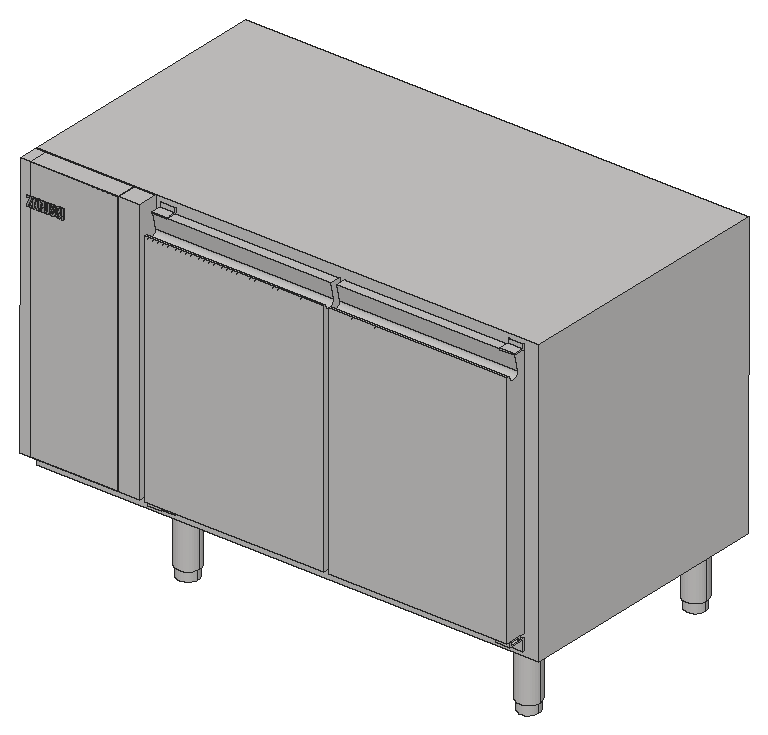
Revit family "QF_ZANUSSI_111110_ZK2H7AA", category Attrezzature speciali, Revit 2018 (continued)
Definition of nested family "HPC_ZAN_BI_TN_L"
  Lines and regions (mm)
    Split face 125
      outline origin (0, -999.3, 50) x (1, 0, 0) y (0, 1, 0)
        loop
          arc (-121.464, 623.474) -> (-117.464, 627.474) -> (-121.464, 631.474) r 4
          line (-121.464, 631.474) -> (-163.464, 631.474)
    Split face 126
      outline origin (330, -999.3, 50) x (1, 0, 0) y (0, 1, 0)
        loop
          arc (-328.464, 631.474) -> (-332.464, 627.474) -> (-328.464, 623.474) r 4
          line (-328.464, 623.474) -> (-286.464, 623.474)
          arc (-286.464, 623.474) -> (-282.464, 627.474) -> (-286.464, 631.474) r 4
          line (-286.464, 631.474) -> (-328.464, 631.474)
    Split face 127
      outline origin (110, -999.3, 50) x (1, 0, 0) y (0, 1, 0)
        loop
          arc (-218.464, 631.474) -> (-222.464, 627.474) -> (-218.464, 623.474) r 4
          line (-218.464, 623.474) -> (-176.464, 623.474)
          arc (-176.464, 623.474) -> (-172.464, 627.474) -> (-176.464, 631.474) r 4
          line (-176.464, 631.474) -> (-218.464, 631.474)
    Split face 128
      outline origin (220, -999.3, 50) x (1, 0, 0) y (0, 1, 0)
        loop
          arc (-273.464, 631.474) -> (-277.464, 627.474) -> (-273.464, 623.474) r 4
          line (-273.464, 623.474) -> (-231.464, 623.474)
          arc (-231.464, 623.474) -> (-227.464, 627.474) -> (-231.464, 631.474) r 4
          line (-231.464, 631.474) -> (-273.464, 631.474)
    Split face 129
      outline origin (0, -1023.3, 50) x (1, 0, 0) y (0, 1, 0)
        loop
          arc (-163.464, 643.474) -> (-167.464, 639.474) -> (-163.464, 635.474) r 4
          line (-163.464, 635.474) -> (-121.464, 635.474)
          arc (-121.464, 635.474) -> (-117.464, 639.474) -> (-121.464, 643.474) r 4
          line (-121.464, 643.474) -> (-163.464, 643.474)
    Split face 130
      outline origin (330, -1023.3, 50) x (1, 0, 0) y (0, 1, 0)
        loop
          arc (-328.464, 643.474) -> (-332.464, 639.474) -> (-328.464, 635.474) r 4
          line (-328.464, 635.474) -> (-286.464, 635.474)
          arc (-286.464, 635.474) -> (-282.464, 639.474) -> (-286.464, 643.474) r 4
          line (-286.464, 643.474) -> (-328.464, 643.474)
    Split face 131
      outline origin (110, -1023.3, 50) x (1, 0, 0) y (0, 1, 0)
        loop
          arc (-218.464, 643.474) -> (-222.464, 639.474) -> (-218.464, 635.474) r 4
          line (-218.464, 635.474) -> (-176.464, 635.474)
          arc (-176.464, 635.474) -> (-172.464, 639.474) -> (-176.464, 643.474) r 4
          line (-176.464, 643.474) -> (-218.464, 643.474)
    Split face 132
      outline origin (220, -1023.3, 50) x (1, 0, 0) y (0, 1, 0)
        loop
          arc (-273.464, 643.474) -> (-277.464, 639.474) -> (-273.464, 635.474) r 4
          line (-273.464, 635.474) -> (-231.464, 635.474)
          arc (-231.464, 635.474) -> (-227.464, 639.474) -> (-231.464, 643.474) r 4
          line (-231.464, 643.474) -> (-273.464, 643.474)
    Split face 133
      outline origin (0, 0, 50) x (1, 0, 0) y (0, 1, 0)
        loop
          arc (-110.805, 143) -> (-91.516, 151.543) -> (-75.866, 165.689) r 66.613
          arc (-75.866, 165.689) -> (-71.555, 176.578) -> (-74.139, 188) r 19.83
    Split face 134
      outline origin (0, 0, 50) x (1, 0, 0) y (0, 1, 0)
        loop
          arc (-98.775, 143) -> (-84.812, 152.003) -> (-73.538, 164.208) r 66.007
          arc (-73.538, 164.208) -> (-69.563, 175.991) -> (-72.794, 188) r 21.447
    Split face 135
      outline origin (0, 0, 50) x (1, 0, 0) y (0, 1, 0)
        loop
          line (41.58, 174) -> (41.58, 166.5) -> (49.08, 166.5) -> (49.08, 174) -> (41.58, 174)
    Split face 136
      outline origin (0, 0, 50) x (1, 0, 0) y (0, 1, 0)
        loop
          line (32.08, 174) -> (32.08, 166.5) -> (39.58, 166.5) -> (39.58, 174) -> (32.08, 174)
    Split face 137
      outline origin (0, 0, 50) x (1, 0, 0) y (0, 1, 0)
        loop
          line (32.08, 164.5) -> (32.08, 157) -> (39.58, 157) -> (39.58, 164.5) -> (32.08, 164.5)
    Split face 138
      outline origin (9.5, 0, 50) x (1, 0, 0) y (0, 1, 0)
        loop
          line (32.08, 164.5) -> (32.08, 157) -> (39.58, 157) -> (39.58, 164.5) -> (32.08, 164.5)
    Split face 139
      outline origin (0, 0, 50) x (1, 0, 0) y (0, 1, 0)
        loop
          line (-14.92, 174) -> (-14.92, 157) -> (25.08, 157) -> (25.08, 174) -> (-14.92, 174)
    symbolic lines
      curve 1: line (87.08, -74, 50) -> (87.08, -74, 0)
  Dimensions and locks
    equal spacing: plane 6, plane 1 "Center (Front/Back)", plane 7
    equal spacing: plane 4, plane 3 "Center (Left/Right)", plane 5
    aligned and locked: plane 2 to Extrusion 1
    aligned and locked: level to Extrusion 1
  Automatic sketch dimensions
    Split face 7 sketch curve to Split face 7 sketch curve = 42 mm
    Split face 7 sketch curve to Split face 7 sketch curve = 4 mm
    Extrusion 1 sketch curve to Extrusion 1 sketch curve = 2438.4 mm  (x2)
    Extrusion 2 sketch curve to plane 4 = 0 mm
    Extrusion 2 sketch curve to plane 5 = 0 mm
    Extrusion 2 sketch curve to plane 7 = 0 mm
    Extrusion 2 sketch curve to plane 6 = 0 mm
    Split face 1 sketch curve to Extrusion 2 = 105 mm
    Split face 1 sketch curve to Extrusion 2 = 35 mm
    Split face 1 sketch curve to Extrusion 2 = 98 mm
    Split face 1 sketch curve to Split face 1 sketch curve = 23 mm
    Split face 2 sketch curve to Extrusion 2 = 0 mm  (x2)
    Split face 2 sketch curve to Extrusion 2 = 64 mm
    Split face 3 sketch curve to Extrusion 2 = 43.456 mm
    Split face 3 sketch curve to Split face 3 sketch curve = 42 mm
    Split face 3 sketch curve to Extrusion 2 = 128.176 mm
    Split face 3 sketch curve to Split face 3 sketch curve = 4 mm
    Split face 4 sketch curve to Extrusion 2 = 85.544 mm
    Split face 4 sketch curve to Split face 4 sketch curve = 42 mm
    Split face 4 sketch curve to Extrusion 2 = 128.176 mm
    Split face 4 sketch curve to Split face 4 sketch curve = 4 mm
    Split face 5 sketch curve to Extrusion 2 = 98.456 mm
    Split face 5 sketch curve to Split face 5 sketch curve = 42 mm
    Split face 5 sketch curve to Extrusion 2 = 128.176 mm
    Split face 5 sketch curve to Split face 5 sketch curve = 4 mm
    Split face 6 sketch curve to Extrusion 2 = 140.544 mm
    Split face 6 sketch curve to Split face 6 sketch curve = 42 mm
    Split face 6 sketch curve to Extrusion 2 = 128.176 mm
    Split face 6 sketch curve to Split face 6 sketch curve = 4 mm
    Extrusion 3 sketch curve to Extrusion 3 sketch curve = 294 mm
    Extrusion 3 sketch curve to Extrusion 3 sketch curve = 652 mm
    Split face 8 sketch curve to Extrusion 2 = 43.456 mm
    Split face 8 sketch curve to Split face 8 sketch curve = 42 mm
    Split face 8 sketch curve to Extrusion 2 = 140.176 mm
    Split face 8 sketch curve to Split face 8 sketch curve = 4 mm
    Split face 9 sketch curve to Extrusion 2 = 85.544 mm
    Split face 9 sketch curve to Split face 9 sketch curve = 42 mm
    Split face 9 sketch curve to Extrusion 2 = 140.176 mm
    Split face 9 sketch curve to Split face 9 sketch curve = 4 mm
    Split face 10 sketch curve to Extrusion 2 = 98.456 mm
    Split face 10 sketch curve to Split face 10 sketch curve = 42 mm
    Split face 10 sketch curve to Extrusion 2 = 140.176 mm
    Split face 10 sketch curve to Split face 10 sketch curve = 4 mm
    Split face 11 sketch curve to Extrusion 2 = 140.544 mm
    Split face 11 sketch curve to Split face 11 sketch curve = 42 mm
    Split face 11 sketch curve to Extrusion 2 = 140.176 mm
    Split face 11 sketch curve to Split face 11 sketch curve = 4 mm
    Split face 12 sketch curve to Extrusion 2 = 43.456 mm
    Split face 12 sketch curve to Split face 12 sketch curve = 42 mm
    Split face 12 sketch curve to Extrusion 2 = 152.176 mm
    Split face 12 sketch curve to Split face 12 sketch curve = 4 mm
    Split face 13 sketch curve to Extrusion 2 = 85.544 mm
    Split face 13 sketch curve to Split face 13 sketch curve = 42 mm
    Split face 13 sketch curve to Extrusion 2 = 152.176 mm
    Split face 13 sketch curve to Split face 13 sketch curve = 4 mm
    Split face 14 sketch curve to Extrusion 2 = 98.456 mm
    Split face 14 sketch curve to Split face 14 sketch curve = 42 mm
    Split face 14 sketch curve to Extrusion 2 = 152.176 mm
    Split face 14 sketch curve to Split face 14 sketch curve = 4 mm
    Split face 15 sketch curve to Extrusion 2 = 140.544 mm
    Split face 15 sketch curve to Split face 15 sketch curve = 42 mm
    Split face 15 sketch curve to Extrusion 2 = 152.176 mm
    Split face 15 sketch curve to Split face 15 sketch curve = 4 mm
    Split face 16 sketch curve to Extrusion 2 = 43.456 mm
    Split face 16 sketch curve to Split face 16 sketch curve = 42 mm
    Split face 16 sketch curve to Extrusion 2 = 164.176 mm
    Split face 16 sketch curve to Split face 16 sketch curve = 4 mm
    Split face 17 sketch curve to Extrusion 2 = 85.544 mm
    Split face 17 sketch curve to Split face 17 sketch curve = 42 mm
    Split face 17 sketch curve to Extrusion 2 = 164.176 mm
    Split face 17 sketch curve to Split face 17 sketch curve = 4 mm
    Split face 18 sketch curve to Extrusion 2 = 98.456 mm
    Split face 18 sketch curve to Split face 18 sketch curve = 42 mm
    Split face 18 sketch curve to Extrusion 2 = 164.176 mm
    Split face 18 sketch curve to Split face 18 sketch curve = 4 mm
    Split face 19 sketch curve to Extrusion 2 = 140.544 mm
    Split face 19 sketch curve to Split face 19 sketch curve = 42 mm
    Split face 19 sketch curve to Extrusion 2 = 164.176 mm
    Split face 19 sketch curve to Split face 19 sketch curve = 4 mm
    Split face 20 sketch curve to Extrusion 2 = 43.456 mm
    Split face 20 sketch curve to Split face 20 sketch curve = 42 mm
    Split face 20 sketch curve to Extrusion 2 = 176.176 mm
    Split face 20 sketch curve to Split face 20 sketch curve = 4 mm
    Split face 21 sketch curve to Extrusion 2 = 85.544 mm
    Split face 21 sketch curve to Split face 21 sketch curve = 42 mm
    Split face 21 sketch curve to Extrusion 2 = 176.176 mm
    Split face 21 sketch curve to Split face 21 sketch curve = 4 mm
    Split face 22 sketch curve to Extrusion 2 = 98.456 mm
    Split face 22 sketch curve to Split face 22 sketch curve = 42 mm
    Split face 22 sketch curve to Extrusion 2 = 176.176 mm
    Split face 22 sketch curve to Split face 22 sketch curve = 4 mm
    Split face 23 sketch curve to Extrusion 2 = 140.544 mm
    Split face 23 sketch curve to Split face 23 sketch curve = 42 mm
    Split face 23 sketch curve to Extrusion 2 = 176.176 mm
    Split face 23 sketch curve to Split face 23 sketch curve = 4 mm
    Split face 24 sketch curve to Extrusion 2 = 43.456 mm
    Split face 24 sketch curve to Split face 24 sketch curve = 42 mm
    Split face 24 sketch curve to Extrusion 2 = 188.176 mm
    Split face 24 sketch curve to Split face 24 sketch curve = 4 mm
    Split face 25 sketch curve to Extrusion 2 = 85.544 mm
    Split face 25 sketch curve to Split face 25 sketch curve = 42 mm
    Split face 25 sketch curve to Extrusion 2 = 188.176 mm
    Split face 25 sketch curve to Split face 25 sketch curve = 4 mm
    Split face 26 sketch curve to Extrusion 2 = 98.456 mm
    Split face 26 sketch curve to Split face 26 sketch curve = 42 mm
    Split face 26 sketch curve to Extrusion 2 = 188.176 mm
    Split face 26 sketch curve to Split face 26 sketch curve = 4 mm
    Split face 27 sketch curve to Extrusion 2 = 140.544 mm
    Split face 27 sketch curve to Split face 27 sketch curve = 42 mm
    Split face 27 sketch curve to Extrusion 2 = 188.176 mm
    Split face 27 sketch curve to Split face 27 sketch curve = 4 mm
    Split face 28 sketch curve to Extrusion 2 = 43.456 mm
    Split face 28 sketch curve to Split face 28 sketch curve = 42 mm
    Split face 28 sketch curve to Extrusion 2 = 200.176 mm
    Split face 28 sketch curve to Split face 28 sketch curve = 4 mm
    Split face 29 sketch curve to Extrusion 2 = 85.544 mm
    Split face 29 sketch curve to Split face 29 sketch curve = 42 mm
    Split face 29 sketch curve to Extrusion 2 = 200.176 mm
    Split face 29 sketch curve to Split face 29 sketch curve = 4 mm
    Split face 30 sketch curve to Extrusion 2 = 98.456 mm
    Split face 30 sketch curve to Split face 30 sketch curve = 42 mm
    Split face 30 sketch curve to Extrusion 2 = 200.176 mm
    Split face 30 sketch curve to Split face 30 sketch curve = 4 mm
    Split face 31 sketch curve to Extrusion 2 = 140.544 mm
    Split face 31 sketch curve to Split face 31 sketch curve = 42 mm
    Split face 31 sketch curve to Extrusion 2 = 200.176 mm
    Split face 31 sketch curve to Split face 31 sketch curve = 4 mm
    Split face 32 sketch curve to Extrusion 2 = 43.456 mm
    Split face 32 sketch curve to Split face 32 sketch curve = 42 mm
    Split face 32 sketch curve to Extrusion 2 = 212.176 mm
    Split face 32 sketch curve to Split face 32 sketch curve = 4 mm
    Split face 33 sketch curve to Extrusion 2 = 85.544 mm
    Split face 33 sketch curve to Split face 33 sketch curve = 42 mm
    Split face 33 sketch curve to Extrusion 2 = 212.176 mm
    Split face 33 sketch curve to Split face 33 sketch curve = 4 mm
    Split face 34 sketch curve to Extrusion 2 = 98.456 mm
    Split face 34 sketch curve to Split face 34 sketch curve = 42 mm
    Split face 34 sketch curve to Extrusion 2 = 212.176 mm
    Split face 34 sketch curve to Split face 34 sketch curve = 4 mm
    Split face 35 sketch curve to Extrusion 2 = 140.544 mm
    Split face 35 sketch curve to Split face 35 sketch curve = 42 mm
    Split face 35 sketch curve to Extrusion 2 = 212.176 mm
    Split face 35 sketch curve to Split face 35 sketch curve = 4 mm
    Split face 36 sketch curve to Extrusion 2 = 43.456 mm
    Split face 36 sketch curve to Split face 36 sketch curve = 42 mm
    Split face 36 sketch curve to Extrusion 2 = 224.176 mm
    Split face 36 sketch curve to Split face 36 sketch curve = 4 mm
    Split face 37 sketch curve to Extrusion 2 = 85.544 mm
    Split face 37 sketch curve to Split face 37 sketch curve = 42 mm
    Split face 37 sketch curve to Extrusion 2 = 224.176 mm
    Split face 37 sketch curve to Split face 37 sketch curve = 4 mm
    Split face 38 sketch curve to Extrusion 2 = 98.456 mm
    Split face 38 sketch curve to Split face 38 sketch curve = 42 mm
    Split face 38 sketch curve to Extrusion 2 = 224.176 mm
    Split face 38 sketch curve to Split face 38 sketch curve = 4 mm
    Split face 39 sketch curve to Extrusion 2 = 140.544 mm
    Split face 39 sketch curve to Split face 39 sketch curve = 42 mm
    Split face 39 sketch curve to Extrusion 2 = 224.176 mm
    Split face 39 sketch curve to Split face 39 sketch curve = 4 mm
    Split face 40 sketch curve to Extrusion 2 = 43.456 mm
    Split face 40 sketch curve to Split face 40 sketch curve = 42 mm
    Split face 40 sketch curve to Extrusion 2 = 236.176 mm
    Split face 40 sketch curve to Split face 40 sketch curve = 4 mm
    Split face 41 sketch curve to Extrusion 2 = 85.544 mm
    Split face 41 sketch curve to Split face 41 sketch curve = 42 mm
    Split face 41 sketch curve to Extrusion 2 = 236.176 mm
    Split face 41 sketch curve to Split face 41 sketch curve = 4 mm
    Split face 42 sketch curve to Extrusion 2 = 98.456 mm
    Split face 42 sketch curve to Split face 42 sketch curve = 42 mm
    Split face 42 sketch curve to Extrusion 2 = 236.176 mm
    Split face 42 sketch curve to Split face 42 sketch curve = 4 mm
    Split face 43 sketch curve to Extrusion 2 = 140.544 mm
    Split face 43 sketch curve to Split face 43 sketch curve = 42 mm
    Split face 43 sketch curve to Extrusion 2 = 236.176 mm
    Split face 43 sketch curve to Split face 43 sketch curve = 4 mm
    Split face 44 sketch curve to Extrusion 2 = 43.456 mm
    Split face 44 sketch curve to Split face 44 sketch curve = 42 mm
    Split face 44 sketch curve to Extrusion 2 = 248.176 mm
    Split face 44 sketch curve to Split face 44 sketch curve = 4 mm
    Split face 45 sketch curve to Extrusion 2 = 85.544 mm
    Split face 45 sketch curve to Split face 45 sketch curve = 42 mm
    Split face 45 sketch curve to Extrusion 2 = 248.176 mm
    Split face 45 sketch curve to Split face 45 sketch curve = 4 mm
    Split face 46 sketch curve to Extrusion 2 = 98.456 mm
    Split face 46 sketch curve to Split face 46 sketch curve = 42 mm
    Split face 46 sketch curve to Extrusion 2 = 248.176 mm
    Split face 46 sketch curve to Split face 46 sketch curve = 4 mm
    Split face 47 sketch curve to Extrusion 2 = 140.544 mm
    Split face 47 sketch curve to Split face 47 sketch curve = 42 mm
    Split face 47 sketch curve to Extrusion 2 = 248.176 mm
    Split face 47 sketch curve to Split face 47 sketch curve = 4 mm
    Split face 48 sketch curve to Extrusion 2 = 43.456 mm
    Split face 48 sketch curve to Split face 48 sketch curve = 42 mm
    Split face 48 sketch curve to Extrusion 2 = 260.176 mm
    Split face 48 sketch curve to Split face 48 sketch curve = 4 mm
    Split face 49 sketch curve to Extrusion 2 = 85.544 mm
    Split face 49 sketch curve to Split face 49 sketch curve = 42 mm
    Split face 49 sketch curve to Extrusion 2 = 260.176 mm
    Split face 49 sketch curve to Split face 49 sketch curve = 4 mm
    Split face 50 sketch curve to Extrusion 2 = 98.456 mm
    Split face 50 sketch curve to Split face 50 sketch curve = 42 mm
    Split face 50 sketch curve to Extrusion 2 = 260.176 mm
    Split face 50 sketch curve to Split face 50 sketch curve = 4 mm
    Split face 51 sketch curve to Extrusion 2 = 140.544 mm
    Split face 51 sketch curve to Split face 51 sketch curve = 42 mm
    Split face 51 sketch curve to Extrusion 2 = 260.176 mm
    Split face 51 sketch curve to Split face 51 sketch curve = 4 mm
    Split face 52 sketch curve to Extrusion 2 = 43.456 mm
    Split face 52 sketch curve to Split face 52 sketch curve = 42 mm
    Split face 52 sketch curve to Extrusion 2 = 272.176 mm
    Split face 52 sketch curve to Split face 52 sketch curve = 4 mm
    Split face 53 sketch curve to Extrusion 2 = 85.544 mm
    Split face 53 sketch curve to Split face 53 sketch curve = 42 mm
    Split face 53 sketch curve to Extrusion 2 = 272.176 mm
    Split face 53 sketch curve to Split face 53 sketch curve = 4 mm
    Split face 54 sketch curve to Extrusion 2 = 98.456 mm
    Split face 54 sketch curve to Split face 54 sketch curve = 42 mm
    Split face 54 sketch curve to Extrusion 2 = 272.176 mm
    Split face 54 sketch curve to Split face 54 sketch curve = 4 mm
    Split face 55 sketch curve to Extrusion 2 = 140.544 mm
    Split face 55 sketch curve to Split face 55 sketch curve = 42 mm
    Split face 55 sketch curve to Extrusion 2 = 272.176 mm
    Split face 55 sketch curve to Split face 55 sketch curve = 4 mm
    Split face 56 sketch curve to Extrusion 2 = 43.456 mm
    Split face 56 sketch curve to Split face 56 sketch curve = 42 mm
    Split face 56 sketch curve to Extrusion 2 = 284.176 mm
    Split face 56 sketch curve to Split face 56 sketch curve = 4 mm
    Split face 57 sketch curve to Extrusion 2 = 85.544 mm
    Split face 57 sketch curve to Split face 57 sketch curve = 42 mm
    Split face 57 sketch curve to Extrusion 2 = 284.176 mm
    Split face 57 sketch curve to Split face 57 sketch curve = 4 mm
    Split face 58 sketch curve to Extrusion 2 = 98.456 mm
    Split face 58 sketch curve to Split face 58 sketch curve = 42 mm
    Split face 58 sketch curve to Extrusion 2 = 284.176 mm
    Split face 58 sketch curve to Split face 58 sketch curve = 4 mm
    Split face 59 sketch curve to Extrusion 2 = 140.544 mm
    Split face 59 sketch curve to Split face 59 sketch curve = 42 mm
    Split face 59 sketch curve to Extrusion 2 = 284.176 mm
    Split face 59 sketch curve to Split face 59 sketch curve = 4 mm
    Split face 60 sketch curve to Extrusion 2 = 43.456 mm
    Split face 60 sketch curve to Split face 60 sketch curve = 42 mm
    Split face 60 sketch curve to Extrusion 2 = 296.176 mm
    Split face 60 sketch curve to Split face 60 sketch curve = 4 mm
    Split face 61 sketch curve to Extrusion 2 = 85.544 mm
    Split face 61 sketch curve to Split face 61 sketch curve = 42 mm
    Split face 61 sketch curve to Extrusion 2 = 296.176 mm
    Split face 61 sketch curve to Split face 61 sketch curve = 4 mm
    Split face 62 sketch curve to Extrusion 2 = 98.456 mm
    Split face 62 sketch curve to Split face 62 sketch curve = 42 mm
    Split face 62 sketch curve to Extrusion 2 = 296.176 mm
    Split face 62 sketch curve to Split face 62 sketch curve = 4 mm
    Split face 63 sketch curve to Extrusion 2 = 140.544 mm
    Split face 63 sketch curve to Split face 63 sketch curve = 42 mm
    Split face 63 sketch curve to Extrusion 2 = 296.176 mm
    Split face 63 sketch curve to Split face 63 sketch curve = 4 mm
    Split face 64 sketch curve to Extrusion 2 = 43.456 mm
    Split face 64 sketch curve to Split face 64 sketch curve = 42 mm
    Split face 64 sketch curve to Extrusion 2 = 308.176 mm
    Split face 64 sketch curve to Split face 64 sketch curve = 4 mm
    Split face 65 sketch curve to Extrusion 2 = 85.544 mm
    Split face 65 sketch curve to Split face 65 sketch curve = 42 mm
    Split face 65 sketch curve to Extrusion 2 = 308.176 mm
    Split face 65 sketch curve to Split face 65 sketch curve = 4 mm
    Split face 66 sketch curve to Extrusion 2 = 98.456 mm
    Split face 66 sketch curve to Split face 66 sketch curve = 42 mm
    Split face 66 sketch curve to Extrusion 2 = 308.176 mm
    Split face 66 sketch curve to Split face 66 sketch curve = 4 mm
    Split face 67 sketch curve to Extrusion 2 = 140.544 mm
    Split face 67 sketch curve to Split face 67 sketch curve = 42 mm
    Split face 67 sketch curve to Extrusion 2 = 308.176 mm
    Split face 67 sketch curve to Split face 67 sketch curve = 4 mm
    Split face 68 sketch curve to Extrusion 2 = 0 mm  (x2)
    Split face 68 sketch curve to Extrusion 2 = 109 mm
    Split face 69 sketch curve to Extrusion 2 = 43.456 mm
    Split face 69 sketch curve to Split face 69 sketch curve = 42 mm
    Split face 69 sketch curve to Extrusion 2 = 192.174 mm
    Split face 69 sketch curve to Split face 69 sketch curve = 4 mm
    Split face 70 sketch curve to Extrusion 2 = 85.544 mm
    Split face 70 sketch curve to Split face 70 sketch curve = 42 mm
    Split face 70 sketch curve to Extrusion 2 = 192.174 mm
    Split face 70 sketch curve to Split face 70 sketch curve = 4 mm
    Split face 71 sketch curve to Extrusion 2 = 98.456 mm
    Split face 71 sketch curve to Split face 71 sketch curve = 42 mm
    Split face 71 sketch curve to Extrusion 2 = 192.174 mm
    Split face 71 sketch curve to Split face 71 sketch curve = 4 mm
    Split face 72 sketch curve to Extrusion 2 = 140.544 mm
    Split face 72 sketch curve to Split face 72 sketch curve = 42 mm
    Split face 72 sketch curve to Extrusion 2 = 192.174 mm
    Split face 72 sketch curve to Split face 72 sketch curve = 4 mm
    Split face 73 sketch curve to Extrusion 2 = 43.456 mm
    Split face 73 sketch curve to Split face 73 sketch curve = 42 mm
    Split face 73 sketch curve to Extrusion 2 = 180.174 mm
    Split face 73 sketch curve to Split face 73 sketch curve = 4 mm
    Split face 74 sketch curve to Extrusion 2 = 85.544 mm
    Split face 74 sketch curve to Split face 74 sketch curve = 42 mm
    Split face 74 sketch curve to Extrusion 2 = 180.174 mm
    Split face 74 sketch curve to Split face 74 sketch curve = 4 mm
    Split face 75 sketch curve to Extrusion 2 = 98.456 mm
    Split face 75 sketch curve to Split face 75 sketch curve = 42 mm
    Split face 75 sketch curve to Extrusion 2 = 180.174 mm
    Split face 75 sketch curve to Split face 75 sketch curve = 4 mm
    Split face 76 sketch curve to Extrusion 2 = 140.544 mm
    Split face 76 sketch curve to Split face 76 sketch curve = 42 mm
    Split face 76 sketch curve to Extrusion 2 = 180.174 mm
    Split face 76 sketch curve to Split face 76 sketch curve = 4 mm
    Split face 77 sketch curve to Extrusion 2 = 43.456 mm
    Split face 77 sketch curve to Split face 77 sketch curve = 42 mm
    Split face 77 sketch curve to Extrusion 2 = 168.174 mm
    Split face 77 sketch curve to Split face 77 sketch curve = 4 mm
    Split face 78 sketch curve to Extrusion 2 = 85.544 mm
    Split face 78 sketch curve to Split face 78 sketch curve = 42 mm
    Split face 78 sketch curve to Extrusion 2 = 168.174 mm
    Split face 78 sketch curve to Split face 78 sketch curve = 4 mm
    Split face 79 sketch curve to Extrusion 2 = 98.456 mm
    Split face 79 sketch curve to Split face 79 sketch curve = 42 mm
    Split face 79 sketch curve to Extrusion 2 = 168.174 mm
    Split face 79 sketch curve to Split face 79 sketch curve = 4 mm
    Split face 80 sketch curve to Extrusion 2 = 140.544 mm
    Split face 80 sketch curve to Split face 80 sketch curve = 42 mm
    Split face 80 sketch curve to Extrusion 2 = 168.174 mm
    Split face 80 sketch curve to Split face 80 sketch curve = 4 mm
    Split face 81 sketch curve to Extrusion 2 = 43.456 mm
    Split face 81 sketch curve to Split face 81 sketch curve = 42 mm
    Split face 81 sketch curve to Extrusion 2 = 156.174 mm
    Split face 81 sketch curve to Split face 81 sketch curve = 4 mm
    Split face 82 sketch curve to Extrusion 2 = 85.544 mm
    Split face 82 sketch curve to Split face 82 sketch curve = 42 mm
    Split face 82 sketch curve to Extrusion 2 = 156.174 mm
    Split face 82 sketch curve to Split face 82 sketch curve = 4 mm
    Split face 83 sketch curve to Extrusion 2 = 98.456 mm
    Split face 83 sketch curve to Split face 83 sketch curve = 42 mm
    Split face 83 sketch curve to Extrusion 2 = 156.174 mm
    Split face 83 sketch curve to Split face 83 sketch curve = 4 mm
    Split face 84 sketch curve to Extrusion 2 = 140.544 mm
    Split face 84 sketch curve to Split face 84 sketch curve = 42 mm
    Split face 84 sketch curve to Extrusion 2 = 156.174 mm
    Split face 84 sketch curve to Split face 84 sketch curve = 4 mm
    Split face 85 sketch curve to Extrusion 2 = 43.456 mm
    Split face 85 sketch curve to Split face 85 sketch curve = 42 mm
    Split face 85 sketch curve to Extrusion 2 = 144.174 mm
    Split face 85 sketch curve to Split face 85 sketch curve = 4 mm
    Split face 86 sketch curve to Extrusion 2 = 85.544 mm
    Split face 86 sketch curve to Split face 86 sketch curve = 42 mm
    Split face 86 sketch curve to Extrusion 2 = 144.174 mm
    Split face 86 sketch curve to Split face 86 sketch curve = 4 mm
    Split face 87 sketch curve to Extrusion 2 = 98.456 mm
    Split face 87 sketch curve to Split face 87 sketch curve = 42 mm
    Split face 87 sketch curve to Extrusion 2 = 144.174 mm
    Split face 87 sketch curve to Split face 87 sketch curve = 4 mm
    Split face 88 sketch curve to Extrusion 2 = 140.544 mm
    Split face 88 sketch curve to Split face 88 sketch curve = 42 mm
    Split face 88 sketch curve to Extrusion 2 = 144.174 mm
    Split face 88 sketch curve to Split face 88 sketch curve = 4 mm
    Split face 89 sketch curve to Extrusion 2 = 43.456 mm
    Split face 89 sketch curve to Split face 89 sketch curve = 42 mm
    Split face 89 sketch curve to Extrusion 2 = 132.174 mm
    Split face 89 sketch curve to Split face 89 sketch curve = 4 mm
    Split face 90 sketch curve to Extrusion 2 = 85.544 mm
    Split face 90 sketch curve to Split face 90 sketch curve = 42 mm
    Split face 90 sketch curve to Extrusion 2 = 132.174 mm
    Split face 90 sketch curve to Split face 90 sketch curve = 4 mm
    Split face 91 sketch curve to Extrusion 2 = 98.456 mm
    Split face 91 sketch curve to Split face 91 sketch curve = 42 mm
    Split face 91 sketch curve to Extrusion 2 = 132.174 mm
    Split face 91 sketch curve to Split face 91 sketch curve = 4 mm
    Split face 92 sketch curve to Extrusion 2 = 140.544 mm
    Split face 92 sketch curve to Split face 92 sketch curve = 42 mm
    Split face 92 sketch curve to Extrusion 2 = 132.174 mm
    Split face 92 sketch curve to Split face 92 sketch curve = 4 mm
    Split face 93 sketch curve to Extrusion 2 = 43.456 mm
    Split face 93 sketch curve to Split face 93 sketch curve = 42 mm
    Split face 93 sketch curve to Extrusion 2 = 120.174 mm
    Split face 93 sketch curve to Split face 93 sketch curve = 4 mm
    Split face 94 sketch curve to Extrusion 2 = 85.544 mm
    Split face 94 sketch curve to Split face 94 sketch curve = 42 mm
    Split face 94 sketch curve to Extrusion 2 = 120.174 mm
    Split face 94 sketch curve to Split face 94 sketch curve = 4 mm
    Split face 95 sketch curve to Extrusion 2 = 98.456 mm
    Split face 95 sketch curve to Split face 95 sketch curve = 42 mm
    Split face 95 sketch curve to Extrusion 2 = 120.174 mm
    Split face 95 sketch curve to Split face 95 sketch curve = 4 mm
    Split face 96 sketch curve to Extrusion 2 = 140.544 mm
    Split face 96 sketch curve to Split face 96 sketch curve = 42 mm
    Split face 96 sketch curve to Extrusion 2 = 120.174 mm
    Split face 96 sketch curve to Split face 96 sketch curve = 4 mm
    Split face 97 sketch curve to Extrusion 2 = 43.456 mm
    Split face 97 sketch curve to Split face 97 sketch curve = 42 mm
    Split face 97 sketch curve to Extrusion 2 = 108.174 mm
    Split face 97 sketch curve to Split face 97 sketch curve = 4 mm
    Split face 98 sketch curve to Extrusion 2 = 85.544 mm
    Split face 98 sketch curve to Split face 98 sketch curve = 42 mm
    Split face 98 sketch curve to Extrusion 2 = 108.174 mm
    Split face 98 sketch curve to Split face 98 sketch curve = 4 mm
    Split face 99 sketch curve to Extrusion 2 = 98.456 mm
    Split face 99 sketch curve to Split face 99 sketch curve = 42 mm
    Split face 99 sketch curve to Extrusion 2 = 108.174 mm
    Split face 99 sketch curve to Split face 99 sketch curve = 4 mm
    Split face 100 sketch curve to Extrusion 2 = 140.544 mm
    Split face 100 sketch curve to Split face 100 sketch curve = 42 mm
    Split face 100 sketch curve to Extrusion 2 = 108.174 mm
    Split face 100 sketch curve to Split face 100 sketch curve = 4 mm
    Split face 101 sketch curve to Extrusion 2 = 43.456 mm
    Split face 101 sketch curve to Split face 101 sketch curve = 42 mm
    Split face 101 sketch curve to Extrusion 2 = 96.174 mm
    Split face 101 sketch curve to Split face 101 sketch curve = 4 mm
    Split face 102 sketch curve to Extrusion 2 = 85.544 mm
    Split face 102 sketch curve to Split face 102 sketch curve = 42 mm
    Split face 102 sketch curve to Extrusion 2 = 96.174 mm
    Split face 102 sketch curve to Split face 102 sketch curve = 4 mm
    Split face 103 sketch curve to Extrusion 2 = 98.456 mm
    Split face 103 sketch curve to Split face 103 sketch curve = 42 mm
    Split face 103 sketch curve to Extrusion 2 = 96.174 mm
    Split face 103 sketch curve to Split face 103 sketch curve = 4 mm
    Split face 104 sketch curve to Extrusion 2 = 140.544 mm
    Split face 104 sketch curve to Split face 104 sketch curve = 42 mm
    Split face 104 sketch curve to Extrusion 2 = 96.174 mm
    Split face 104 sketch curve to Split face 104 sketch curve = 4 mm
    Split face 105 sketch curve to Extrusion 2 = 43.456 mm
    Split face 105 sketch curve to Split face 105 sketch curve = 42 mm
    Split face 105 sketch curve to Extrusion 2 = 84.174 mm
    Split face 105 sketch curve to Split face 105 sketch curve = 4 mm
    Split face 106 sketch curve to Extrusion 2 = 85.544 mm
    Split face 106 sketch curve to Split face 106 sketch curve = 42 mm
    Split face 106 sketch curve to Extrusion 2 = 84.174 mm
    Split face 106 sketch curve to Split face 106 sketch curve = 4 mm
    Split face 107 sketch curve to Extrusion 2 = 98.456 mm
    Split face 107 sketch curve to Split face 107 sketch curve = 42 mm
    Split face 107 sketch curve to Extrusion 2 = 84.174 mm
    Split face 107 sketch curve to Split face 107 sketch curve = 4 mm
    Split face 108 sketch curve to Extrusion 2 = 92.174 mm
    Split face 108 sketch curve to Extrusion 2 = 140.544 mm
    Split face 108 sketch curve to Split face 108 sketch curve = 42 mm
    Split face 108 sketch curve to Split face 108 sketch curve = 4 mm
    Split face 109 sketch curve to Extrusion 2 = 43.456 mm
    Split face 109 sketch curve to Split face 109 sketch curve = 42 mm
    Split face 109 sketch curve to Extrusion 2 = 72.174 mm
    Split face 109 sketch curve to Split face 109 sketch curve = 4 mm
    Split face 110 sketch curve to Extrusion 2 = 85.544 mm
    Split face 110 sketch curve to Split face 110 sketch curve = 42 mm
    Split face 110 sketch curve to Extrusion 2 = 72.174 mm
    Split face 110 sketch curve to Split face 110 sketch curve = 4 mm
    Split face 111 sketch curve to Extrusion 2 = 98.456 mm
    Split face 111 sketch curve to Split face 111 sketch curve = 42 mm
    Split face 111 sketch curve to Extrusion 2 = 72.174 mm
    Split face 111 sketch curve to Split face 111 sketch curve = 4 mm
    Split face 112 sketch curve to Extrusion 2 = 80.174 mm
    Split face 112 sketch curve to Extrusion 2 = 140.544 mm
    Split face 112 sketch curve to Split face 112 sketch curve = 42 mm
    Split face 112 sketch curve to Split face 112 sketch curve = 4 mm
    Split face 113 sketch curve to Extrusion 2 = 43.456 mm
    Split face 113 sketch curve to Split face 113 sketch curve = 42 mm
    Split face 113 sketch curve to Extrusion 2 = 60.174 mm
    Split face 113 sketch curve to Split face 113 sketch curve = 4 mm
    Split face 114 sketch curve to Extrusion 2 = 85.544 mm
    Split face 114 sketch curve to Split face 114 sketch curve = 42 mm
    Split face 114 sketch curve to Extrusion 2 = 60.174 mm
    Split face 114 sketch curve to Split face 114 sketch curve = 4 mm
    Split face 115 sketch curve to Extrusion 2 = 98.456 mm
    Split face 115 sketch curve to Split face 115 sketch curve = 42 mm
    Split face 115 sketch curve to Extrusion 2 = 60.174 mm
    Split face 115 sketch curve to Split face 115 sketch curve = 4 mm
    Split face 116 sketch curve to Extrusion 2 = 68.174 mm
    Split face 116 sketch curve to Extrusion 2 = 140.544 mm
    Split face 116 sketch curve to Split face 116 sketch curve = 42 mm
    Split face 116 sketch curve to Split face 116 sketch curve = 4 mm
    Split face 117 sketch curve to Extrusion 2 = 43.456 mm
    Split face 117 sketch curve to Split face 117 sketch curve = 42 mm
    Split face 117 sketch curve to Extrusion 2 = 48.174 mm
    Split face 117 sketch curve to Split face 117 sketch curve = 4 mm
    Split face 118 sketch curve to Extrusion 2 = 56.174 mm
    Split face 118 sketch curve to Extrusion 2 = 85.544 mm
    Split face 118 sketch curve to Split face 118 sketch curve = 42 mm
    Split face 118 sketch curve to Split face 118 sketch curve = 4 mm
    Split face 119 sketch curve to Extrusion 2 = 56.174 mm
    Split face 119 sketch curve to Extrusion 2 = 98.456 mm
    Split face 119 sketch curve to Split face 119 sketch curve = 42 mm
    Split face 119 sketch curve to Split face 119 sketch curve = 4 mm
    Split face 120 sketch curve to Extrusion 2 = 56.174 mm
    Split face 120 sketch curve to Extrusion 2 = 140.544 mm
    Split face 120 sketch curve to Split face 120 sketch curve = 42 mm
    Split face 120 sketch curve to Split face 120 sketch curve = 4 mm
    Split face 121 sketch curve to Extrusion 2 = 43.456 mm
    Split face 121 sketch curve to Split face 121 sketch curve = 42 mm
    Split face 121 sketch curve to Extrusion 2 = 36.174 mm
    Split face 121 sketch curve to Split face 121 sketch curve = 4 mm
    Split face 122 sketch curve to Extrusion 2 = 44.174 mm
    Split face 122 sketch curve to Extrusion 2 = 85.544 mm
    Split face 122 sketch curve to Split face 122 sketch curve = 42 mm
    Split face 122 sketch curve to Split face 122 sketch curve = 4 mm
    Split face 123 sketch curve to Extrusion 2 = 44.174 mm
    Split face 123 sketch curve to Extrusion 2 = 98.456 mm
    Split face 123 sketch curve to Split face 123 sketch curve = 42 mm
    Split face 123 sketch curve to Split face 123 sketch curve = 4 mm
    Split face 124 sketch curve to Extrusion 2 = 44.174 mm
    Split face 124 sketch curve to Extrusion 2 = 140.544 mm
    Split face 124 sketch curve to Split face 124 sketch curve = 42 mm
    Split face 124 sketch curve to Split face 124 sketch curve = 4 mm
    Split face 125 sketch curve to Extrusion 2 = 43.456 mm
    Split face 125 sketch curve to Split face 125 sketch curve = 42 mm
    Split face 125 sketch curve to Extrusion 2 = 24.174 mm
    Split face 125 sketch curve to Split face 125 sketch curve = 4 mm
    Split face 126 sketch curve to Extrusion 2 = 32.174 mm
    Split face 126 sketch curve to Extrusion 2 = 85.544 mm
    Split face 126 sketch curve to Split face 126 sketch curve = 42 mm
    Split face 126 sketch curve to Split face 126 sketch curve = 4 mm
    Split face 127 sketch curve to Extrusion 2 = 32.174 mm
    Split face 127 sketch curve to Extrusion 2 = 98.456 mm
    Split face 127 sketch curve to Split face 127 sketch curve = 42 mm
    Split face 127 sketch curve to Split face 127 sketch curve = 4 mm
    Split face 128 sketch curve to Extrusion 2 = 32.174 mm
    Split face 128 sketch curve to Extrusion 2 = 140.544 mm
    Split face 128 sketch curve to Split face 128 sketch curve = 42 mm
    Split face 128 sketch curve to Split face 128 sketch curve = 4 mm
    Split face 129 sketch curve to Extrusion 2 = 20.174 mm
    Split face 129 sketch curve to Extrusion 2 = 43.456 mm
    Split face 129 sketch curve to Extrusion 2 = 16.174 mm
    Split face 129 sketch curve to Split face 129 sketch curve = 42 mm
    Split face 130 sketch curve to Extrusion 2 = 20.174 mm
    Split face 130 sketch curve to Extrusion 2 = 85.544 mm
    Split face 130 sketch curve to Extrusion 2 = 16.174 mm
    Split face 130 sketch curve to Split face 130 sketch curve = 42 mm
    Split face 131 sketch curve to Extrusion 2 = 20.174 mm
    Split face 131 sketch curve to Extrusion 2 = 98.456 mm
    Split face 131 sketch curve to Extrusion 2 = 16.174 mm
    Split face 131 sketch curve to Split face 131 sketch curve = 42 mm
    Split face 132 sketch curve to Extrusion 2 = 20.174 mm
    Split face 132 sketch curve to Extrusion 2 = 140.544 mm
    Split face 132 sketch curve to Extrusion 2 = 16.174 mm
    Split face 132 sketch curve to Split face 132 sketch curve = 42 mm
    plane 4 to Extrusion 4 sketch curve = 17.166 mm
    Extrusion 4 sketch curve to Extrusion 4 sketch curve = 0.562 mm
    Extrusion 4 sketch curve to Extrusion 4 sketch curve = 5.406 mm
    Extrusion 4 sketch curve to Extrusion 4 sketch curve = 6.457 mm
    Extrusion 4 sketch curve to Extrusion 4 sketch curve = 5.755 mm
    Extrusion 4 sketch curve to Extrusion 4 sketch curve = 7.368 mm
    Extrusion 4 sketch curve to Extrusion 4 sketch curve = 0.734 mm
    Extrusion 4 sketch curve to Extrusion 4 sketch curve = 5.086 mm
    Extrusion 4 sketch curve to Extrusion 4 sketch curve = 5.054 mm
    Extrusion 4 sketch curve to Extrusion 4 sketch curve = 0.702 mm  (x4)
    Extrusion 4 sketch curve to Extrusion 4 sketch curve = 0.561 mm
    Extrusion 4 sketch curve to Extrusion 4 sketch curve = 3.369 mm  (x2)
    Extrusion 4 sketch curve to Extrusion 4 sketch curve = 2.807 mm
    Extrusion 4 sketch curve to Extrusion 4 sketch curve = 4.071 mm  (x2)
    Extrusion 4 sketch curve to Extrusion 4 sketch curve = 5.053 mm
    Extrusion 4 sketch curve to Extrusion 4 sketch curve = 5.114 mm
    Extrusion 4 sketch curve to Extrusion 4 sketch curve = 4.352 mm  (x2)
    Extrusion 4 sketch curve to Extrusion 4 sketch curve = 5.194 mm
    Extrusion 4 sketch curve to Extrusion 4 sketch curve = 4.913 mm  (x6)
    Extrusion 4 sketch curve to Extrusion 4 sketch curve = 5.334 mm
    Extrusion 4 sketch curve to Extrusion 4 sketch curve = 1.123 mm
    Extrusion 4 sketch curve to Extrusion 4 sketch curve = 1.444 mm
    Extrusion 4 sketch curve to Extrusion 4 sketch curve = 0.094 mm
    Extrusion 4 sketch curve to Extrusion 4 sketch curve = 2.948 mm
    Extrusion 4 sketch curve to Extrusion 4 sketch curve = 1.825 mm
    Extrusion 4 sketch curve to Extrusion 4 sketch curve = 3.004 mm
    Extrusion 4 sketch curve to Extrusion 4 sketch curve = 4.058 mm  (x2)
    Extrusion 4 sketch curve to Extrusion 4 sketch curve = 2.478 mm  (x2)
    Extrusion 4 sketch curve to Extrusion 4 sketch curve = 0.121 mm  (x4)
    Extrusion 4 sketch curve to Extrusion 4 sketch curve = 1.228 mm  (x2)
    Extrusion 4 sketch curve to Extrusion 4 sketch curve = 2.118 mm  (x2)
    Extrusion 4 sketch curve to Extrusion 4 sketch curve = 1.578 mm  (x2)
    Extrusion 4 sketch curve to Extrusion 4 sketch curve = 0.128 mm  (x2)
    Extrusion 4 sketch curve to Extrusion 4 sketch curve = 0.564 mm  (x2)
    Extrusion 4 sketch curve to Extrusion 4 sketch curve = 0.622 mm  (x2)
    Extrusion 4 sketch curve to Extrusion 4 sketch curve = 0.31 mm  (x2)
    Extrusion 4 sketch curve to Extrusion 4 sketch curve = 1.171 mm  (x2)
    Extrusion 4 sketch curve to Extrusion 4 sketch curve = 0.512 mm  (x2)
    Extrusion 4 sketch curve to Extrusion 4 sketch curve = 0.123 mm  (x2)
    Extrusion 4 sketch curve to Extrusion 4 sketch curve = 0.02 mm  (x2)
    Extrusion 4 sketch curve to Extrusion 4 sketch curve = 1.774 mm  (x2)
    Extrusion 4 sketch curve to Extrusion 4 sketch curve = 1.52 mm
    Extrusion 4 sketch curve to Extrusion 4 sketch curve = 1.351 mm
    Extrusion 4 sketch curve to Extrusion 4 sketch curve = 4.632 mm  (x3)
    Extrusion 4 sketch curve to Extrusion 4 sketch curve = 0.076 mm  (x2)
    Extrusion 4 sketch curve to Extrusion 4 sketch curve = 3.79 mm
    Extrusion 4 sketch curve to Extrusion 4 sketch curve = 0.099 mm
    Extrusion 4 sketch curve to Extrusion 4 sketch curve = 1.668 mm
    Extrusion 4 sketch curve to Extrusion 4 sketch curve = 2.203 mm
    Extrusion 4 sketch curve to Extrusion 4 sketch curve = 2.87 mm
    Extrusion 4 sketch curve to Extrusion 4 sketch curve = 0.944 mm
    Extrusion 4 sketch curve to Extrusion 4 sketch curve = 5.408 mm
    Extrusion 4 sketch curve to Extrusion 4 sketch curve = 0.724 mm
    Extrusion 4 sketch curve to plane 6 = 98.623 mm
    Extrusion 4 sketch curve to Extrusion 4 sketch curve = 0 mm  (x13)
    Extrusion 4 sketch curve to Extrusion 4 sketch curve = 3.713 mm
    Extrusion 4 sketch curve to Extrusion 4 sketch curve = 1.341 mm
    Extrusion 4 sketch curve to Extrusion 4 sketch curve = 0.181 mm
    Extrusion 4 sketch curve to Extrusion 4 sketch curve = 2.372 mm  (x2)
    Extrusion 4 sketch curve to Extrusion 4 sketch curve = 0.043 mm  (x2)
    Extrusion 4 sketch curve to Extrusion 4 sketch curve = 0.08 mm  (x2)
    Extrusion 4 sketch curve to Extrusion 4 sketch curve = 6.582 mm
    Extrusion 4 sketch curve to Extrusion 4 sketch curve = 2.869 mm
    Extrusion 4 sketch curve to Extrusion 4 sketch curve = 0.739 mm  (x2)
    Extrusion 4 sketch curve to Extrusion 4 sketch curve = 1.344 mm  (x2)
    Extrusion 4 sketch curve to Extrusion 4 sketch curve = 0.997 mm
    Extrusion 4 sketch curve to Extrusion 4 sketch curve = 1.644 mm
    Extrusion 4 sketch curve to Extrusion 4 sketch curve = 1.841 mm
    Extrusion 4 sketch curve to Extrusion 4 sketch curve = 0.915 mm
    Extrusion 4 sketch curve to Extrusion 4 sketch curve = 2.767 mm
    Extrusion 4 sketch curve to Extrusion 4 sketch curve = 1.036 mm  (x2)
    Extrusion 4 sketch curve to Extrusion 4 sketch curve = 1.835 mm  (x2)
    Extrusion 4 sketch curve to Extrusion 4 sketch curve = 3.155 mm
    Extrusion 4 sketch curve to Extrusion 4 sketch curve = 4.449 mm
    Extrusion 4 sketch curve to Extrusion 4 sketch curve = 7.159 mm
    Extrusion 4 sketch curve to Extrusion 4 sketch curve = 4.846 mm  (x2)
    Extrusion 4 sketch curve to Extrusion 4 sketch curve = 5.13 mm
    Extrusion 4 sketch curve to Extrusion 4 sketch curve = 0.393 mm  (x2)
    Extrusion 4 sketch curve to Extrusion 4 sketch curve = 1.409 mm  (x2)
    Extrusion 4 sketch curve to Extrusion 4 sketch curve = 2.182 mm  (x2)
    Extrusion 4 sketch curve to Extrusion 4 sketch curve = 0.905 mm  (x2)
    Extrusion 4 sketch curve to Extrusion 4 sketch curve = 1.201 mm  (x2)
    Extrusion 4 sketch curve to Extrusion 4 sketch curve = 0.022 mm  (x2)
    Extrusion 4 sketch curve to Extrusion 4 sketch curve = 0.182 mm  (x2)
    Extrusion 4 sketch curve to Extrusion 4 sketch curve = 14.599 mm
    Extrusion 4 sketch curve to Extrusion 4 sketch curve = 0.14 mm
    Extrusion 4 sketch curve to Extrusion 4 sketch curve = 10.917 mm
    Extrusion 4 sketch curve to Extrusion 4 sketch curve = 0.281 mm
    Extrusion 4 sketch curve to Extrusion 4 sketch curve = 0.45 mm  (x2)
    Extrusion 4 sketch curve to Extrusion 4 sketch curve = 8.142 mm
    Extrusion 4 sketch curve to Extrusion 4 sketch curve = 4.492 mm
    Extrusion 4 sketch curve to Extrusion 4 sketch curve = 0.593 mm
    Extrusion 4 sketch curve to Extrusion 4 sketch curve = 4.345 mm
    Extrusion 4 sketch curve to Extrusion 4 sketch curve = 0.9 mm  (x2)
    Extrusion 4 sketch curve to Extrusion 4 sketch curve = 3.017 mm
    Extrusion 4 sketch curve to Extrusion 4 sketch curve = 0.952 mm  (x2)
    Extrusion 4 sketch curve to Extrusion 4 sketch curve = 1.658 mm
    Extrusion 4 sketch curve to Extrusion 4 sketch curve = 1.516 mm
    Split face 133 sketch curve to Extrusion 2 = 44.591 mm
    Split face 133 sketch curve to Extrusion 2 = 79.124 mm
    Split face 133 sketch curve to Split face 133 sketch curve = 36.471 mm
    Split face 133 sketch curve to Split face 133 sketch curve = 29.3 mm
    Split face 133 sketch curve to Split face 133 sketch curve = 19.479 mm
    Split face 133 sketch curve to Split face 133 sketch curve = 15.459 mm
    Split face 133 sketch curve to Split face 133 sketch curve = 0 mm
    Split face 133 sketch curve to Split face 133 sketch curve = 17.186 mm
    Split face 134 sketch curve to Extrusion 2 = 49.463 mm
    Split face 134 sketch curve to Extrusion 2 = 79.643 mm
    Split face 134 sketch curve to Split face 134 sketch curve = 36.278 mm
    Split face 134 sketch curve to Split face 134 sketch curve = 25.875 mm
    Split face 134 sketch curve to Split face 134 sketch curve = 7.776 mm
    Split face 134 sketch curve to Split face 134 sketch curve = 17.461 mm
    Split face 134 sketch curve to Split face 134 sketch curve = 0 mm
    Split face 134 sketch curve to Split face 134 sketch curve = 18.204 mm
    Split face 135 sketch curve to Extrusion 2 = 45.5 mm
    Split face 135 sketch curve to Split face 135 sketch curve = 7.5 mm  (x2)
    Split face 135 sketch curve to Extrusion 2 = 85.5 mm
    Split face 136 sketch curve to Extrusion 2 = 55 mm
    Split face 136 sketch curve to Split face 136 sketch curve = 7.5 mm  (x2)
    Split face 136 sketch curve to Extrusion 2 = 85.5 mm
    Split face 137 sketch curve to Extrusion 2 = 55 mm
    Split face 137 sketch curve to Split face 137 sketch curve = 7.5 mm  (x2)
    Split face 137 sketch curve to Extrusion 2 = 95 mm
    Split face 138 sketch curve to Extrusion 2 = 45.5 mm
    Split face 138 sketch curve to Split face 138 sketch curve = 7.5 mm  (x2)
    Split face 138 sketch curve to Extrusion 2 = 95 mm
    Split face 139 sketch curve to Extrusion 2 = 102 mm
    Split face 139 sketch curve to Split face 139 sketch curve = 40 mm
    Split face 139 sketch curve to Extrusion 2 = 95 mm
    Split face 139 sketch curve to Split face 139 sketch curve = 17 mm
    curve 1 to level = 0 mm
    curve 1 to plane 5 = 0 mm
    curve 1 to curve 1 = 50 mm
Definition of nested family "HPC_ZAN_SD_L"
  Parameters
    Show Clearance [instance] = yes
    Default Elevation = 1219.2 mm
  Reference planes
    plane 1 "Center (Front/Back)": y = 0
    plane 2: z = 0
    plane 3 "Center (Left/Right)": x = 0
    plane 4: x = -234
    plane 5: x = 234
  Forms (mm)
    Extrusion 1, solid
      sketch origin (0, 0, 0) x (1, 0, 0) y (0, 1, 0)
        loop
          line (-1219.2, 1219.2) -> (-1219.2, -1219.2) -> (1219.2, -1219.2) -> (1219.2, 1219.2) -> (-1219.2, 1219.2)
      from 0 to -304.8
    Extrusion 2, solid
      sketch origin (0, 0, -3) x (0, 1, 0) y (0, 0, 1)
        loop
          line (-314, 53) -> (-314, 3) -> (314, 3) -> (314, 29) -> (274.395, 20)
          arc (274.395, 20) -> (260.396, 33.803) -> (274, 47.994) r 14
          line (274, 47.994) -> (274, 53) -> (-314, 53)
      from -220 to 220
    Extrusion 3, solid
      sketch origin (0, 0, 0) x (0, 1, 0) y (0, 0, -1)
        loop
          line (-323.003, -40.312) -> (-323.003, -12.259) -> (-323.003, 0) -> (-351.511, 0) -> (-351.511, -2.5) -> (-325.503, -2.5) -> (-325.503, -42.812) -> (-316.501, -42.812) -> (-316.501, -40.312) -> (-323.003, -40.312)
        loop
          line (-314, -38.311) -> (-314, -11.804) -> (-319.752, -11.804) -> (-319.752, -14.304) -> (-316.501, -14.304) -> (-316.501, -38.311) -> (-314, -38.311)
        loop
          line (315.003, -27.948) -> (317.503, -27.948) -> (317.503, -2.5) -> (327.503, -2.5) -> (327.503, 0) -> (315.003, 0) -> (315.003, -2.948) -> (315.003, -27.948)
      from 185 to 220
    Extrusion 4, solid, visible <- "Show Clearance", detail levels coarse
      sketch origin (0, 0, -3) x (-1, 0, 0) y (0, 0, -1)
        loop
          line (220, -53) -> (-220, -53)
          arc (-220, -53) -> (-79.636, -340.04) -> (220, -451) r 430
          line (220, -451) -> (220, -53)
      from -314 to 314
  Lines and regions (mm)
    symbolic lines
      curve 1: arc (219.599, 0, 55) -> (95.934, 0, 321.503) -> (-170, 0, 446.39) r 430
      curve 2: line (-220, 0, 55) -> (-220, 0, 448)
      curve 3: line (-170, 0, 55) -> (-170, 0, 448)
      curve 4: line (-220, 0, 448) -> (-170, 0, 448)
  Dimensions and locks
    plane 4 to plane 3 "Center (Left/Right)" to plane 5 = 234 mm locked, 234 mm locked
    aligned and locked: plane 2 to Extrusion 1
    aligned and locked: level to Extrusion 1
Definition of nested family "HPC_ZAN_SD_R"
  Parameters
    Show Clearance [instance] = yes
    Default Elevation = 1219.2 mm
  Reference planes
    plane 1 "Center (Front/Back)": y = 0
    plane 2: z = 0
    plane 3 "Center (Left/Right)": x = 0
    plane 4: x = -234
    plane 5: x = 234
  Forms (mm)
    Extrusion 1, solid
      sketch origin (0, 0, 0) x (1, 0, 0) y (0, 1, 0)
        loop
          line (-1219.2, 1219.2) -> (-1219.2, -1219.2) -> (1219.2, -1219.2) -> (1219.2, 1219.2) -> (-1219.2, 1219.2)
      from 0 to -304.8
    Extrusion 2, solid
      sketch origin (0, 0, -3) x (0, 1, 0) y (0, 0, -1)
        loop
          line (-314, -53) -> (274, -53) -> (274, -47.994)
          arc (274, -47.994) -> (260.396, -33.803) -> (274.395, -20) r 14
          line (274.395, -20) -> (314, -29) -> (314, -3) -> (-314, -3) -> (-314, -53)
      from -220 to 220
    Extrusion 3, solid
      sketch origin (0, 0, 0) x (0, 1, 0) y (0, 0, 1)
        loop
          line (-323.003, 40.312) -> (-316.501, 40.312) -> (-316.501, 42.812) -> (-325.503, 42.812) -> (-325.503, 2.5) -> (-351.511, 2.5) -> (-351.511, 0) -> (-323.003, 0) -> (-323.003, 12.259) -> (-323.003, 40.312)
        loop
          line (-314, 38.311) -> (-316.501, 38.311) -> (-316.501, 14.304) -> (-319.752, 14.304) -> (-319.752, 11.804) -> (-314, 11.804) -> (-314, 38.311)
        loop
          line (315.003, 27.948) -> (315.003, 2.948) -> (315.003, 0) -> (327.503, 0) -> (327.503, 2.5) -> (317.503, 2.5) -> (317.503, 27.948) -> (315.003, 27.948)
      from 185 to 220
    Extrusion 4, solid, visible <- "Show Clearance", detail levels coarse
      sketch origin (0, 0, -3) x (1, 0, 0) y (0, 0, 1)
        loop
          line (220, 53) -> (220, 451)
          arc (220, 451) -> (-79.636, 340.04) -> (-220, 53) r 430
          line (-220, 53) -> (220, 53)
      from -314 to 314
  Lines and regions (mm)
    symbolic lines
      curve 1: arc (-219.599, 0, 55) -> (-95.934, 0, 321.503) -> (170, 0, 446.39) r 430
      curve 2: line (220, 0, 55) -> (220, 0, 448)
      curve 3: line (170, 0, 55) -> (170, 0, 448)
      curve 4: line (220, 0, 448) -> (170, 0, 448)
  Dimensions and locks
    plane 4 to plane 3 "Center (Left/Right)" to plane 5 = 234 mm locked, 234 mm locked
    aligned and locked: plane 2 to Extrusion 1
    aligned and locked: level to Extrusion 1
Definition of nested family "HPC_Refrigerator"
  Reference planes
    plane 1 "Center (Front/Back)": y = 0
    plane 2: z = 0
    plane 3 "Center (Left/Right)": x = 0
  Lines and regions (mm)
    detail lines, in view "Ref. Level"
      curve 1: spline (-500, 190, 0) -> (-493.185, 166.706, 0) -> (-473.205, 145, 0) -> (-441.421, 126.36, 0) -> (-400, 112.058, 0) -> (-351.764, 103.067, 0) -> (-300, 100, 0) -> (-248.236, 103.067, 0) -> (-200, 112.058, 0) -> (-158.579, 126.36, 0) -> (-126.795, 145, 0) -> (-106.815, 166.706, 0) -> (-100, 190, 0) -> (-106.815, 213.294, 0) -> (-126.795, 235, 0) -> (-158.579, 253.64, 0) -> (-200, 267.942, 0) -> (-248.236, 276.933, 0) -> (-300, 280, 0) -> (-351.764, 276.933, 0) -> (-400, 267.942, 0) -> (-441.421, 253.64, 0) -> (-473.205, 235, 0) -> (-493.185, 213.294, 0) -> (-500, 190, 0)
      curve 2: line (-300, 130, 0) -> (-300, 250, 0)
      curve 3: line (-351.962, 220, 0) -> (-248.038, 160, 0)
      curve 4: line (-351.962, 160, 0) -> (-248.038, 220, 0)
      curve 5: line (-280.884, 246.873, 0) -> (-300, 225, 0)
      curve 6: line (-300, 225, 0) -> (-319.116, 246.873, 0)
      curve 7: line (-330.311, 207.5, 0) -> (-339.696, 234.992, 0)
      curve 8: line (-358.812, 201.882, 0) -> (-330.311, 207.5, 0)
      curve 9: line (-330.311, 172.5, 0) -> (-358.812, 178.118, 0)
      curve 10: line (-339.696, 145.008, 0) -> (-330.311, 172.5, 0)
      curve 11: line (-300, 155, 0) -> (-319.116, 133.127, 0)
      curve 12: line (-280.884, 133.127, 0) -> (-300, 155, 0)
      curve 13: line (-269.689, 172.5, 0) -> (-260.304, 145.008, 0)
      curve 14: line (-241.188, 178.118, 0) -> (-269.689, 172.5, 0)
      curve 15: line (-269.689, 207.5, 0) -> (-241.188, 201.882, 0)
      curve 16: line (-260.304, 234.992, 0) -> (-269.689, 207.5, 0)
Types (2, lengths in mm): name | URL | Produttore | Phase | Modello | Descrizione
  (no name) | 0 | 0 | 0 | 0 | 0
  Standard | "http://www.zanussiprofessional.com" | "Zanussi" | 1 | "ZK2H7AA" | "2-DOOR REFRIGERATED COUNTER, -2+10°C, AISI 304 (R290) WITHOUT WORK TOP"
